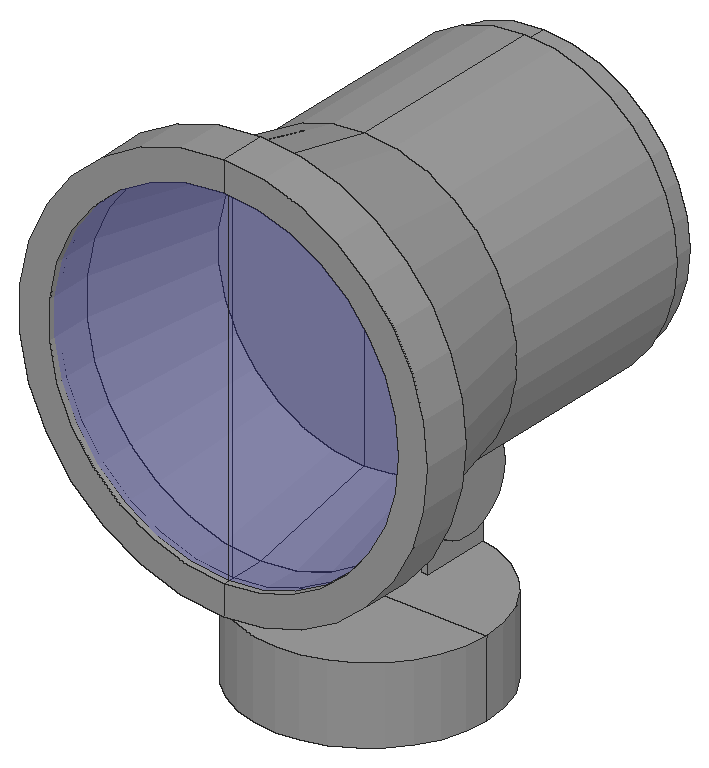
Revit family "77689_HOST_FACE", category Lighting Fixtures, host Face, Revit 2015
Parameters (values of type "Floodlights - LED")
  Wattage = 27.7295 W
  built-in parameter 1150110 = 1 (stored number, unit not read)
  URL = "www.bega-us.com"
  built-in parameter 1114217 = 1 (stored number, unit not read)
  Tilt Angle = 90.00°
  built-in parameter 1150109 = 1 (stored number, unit not read)
  built-in parameter 1150134 = 12
  Telephone = "805.684.0533"
  built-in parameter 1150113 = 1 (stored number, unit not read)
  Photometric Web File = "77689.IES"
  Model = "77 689"
  Manufacturer = "BEGA-US"
  built-in parameter 1150105 = 5774.8 (stored number, unit not read)
  Lumens = 4119 lm
  built-in parameter 1150115 = 1 (stored number, unit not read)
  built-in parameter 1150137 = (empty or 0)
  built-in parameter 1150139 = (empty or 0)
  built-in parameter 1150112 = 1 (stored number, unit not read)
  built-in parameter 1150114 = 1 (stored number, unit not read)
  Lamp = "73.5W LED"
  built-in parameter 1150132 = 2
  built-in parameter 1150102 = (empty or 0)
  built-in parameter 1150107 = 4000 (stored number, unit not read)
  built-in parameter 1150138 = (empty or 0)
  built-in parameter 1150106 = 57.748 (stored number, unit not read)
  built-in parameter 1150104 = 13.8 (stored number, unit not read)
  Dimming Lamp Color Temperature Shift = <None>
  Description = "Small scale floodlights with mounting canopy - wide beam"
  Default Elevation = 0' - 0"
  Color Filter = 16777215
  built-in parameter 1114218 = 1 (stored number, unit not read)
  built-in parameter 1150133 = 10 (stored number, unit not read)
Types (4): name | Wattage | built-in parameter 1150134 | Photometric Web File | Model | built-in parameter 1150105 | Lumens | Lamp | built-in parameter 1150107 | built-in parameter 1150106 | Description | Default Elevation
  (no name) | 27.7295 W | 12 | "77689.IES" | "77 689" | 5774.8 (stored number, unit not read) | 4119 lm | "73.5W LED" | 4000 (stored number, unit not read) | 57.748 (stored number, unit not read) | "Small scale floodlights with mounting canopy - wide beam" | 0' - 0"
  Wall Luminaires - Directed Light | 18.4392 W | (empty or 0) | "generic" | "2260LED" | 217.96 (stored number, unit not read) | 2739 lm | "44.6W LED" | 3000 (stored number, unit not read) | 2.1796 (stored number, unit not read) | "Surface wall with cutoff optics" | 6' - 0"
  Wall Luminaires - Linear | 9.92985 W | 9 | "generic" | "4425P" | 117.38 (stored number, unit not read) | 1475 lm | "(1) 39W CF twin-4-p" | 3450 (stored number, unit not read) | 1.1738 (stored number, unit not read) | "Suface wall - linear with white acrylic diffuser" | 6' - 0"
  Floodlights - LED | 27.7295 W | 12 | "77689.IES" | "77 689" | 5774.8 (stored number, unit not read) | 4119 lm | "73.5W LED" | 4000 (stored number, unit not read) | 57.748 (stored number, unit not read) | "Small scale floodlights with mounting canopy - wide beam" | 0' - 0"
Reference planes (in)
  plane 1 "Center (Front/Back)": y = 0
  plane 2: z = 0
  plane 3 "Center (Left/Right)": x = 0
Dimensions and locks (in)
  aligned and locked: plane 2 to host face
  aligned and locked: level to host face
Nested families (in)
  nested 1: "77739" at (0, 0, 0), type "77739"
Connectors (in)
  electrical at (0, 0, 0)
    settings: on host face, index 1, voltage 0 V, apparent load 0 VA, apparent load phase1 0 VA, apparent load phase2 0 VA, apparent load phase3 0 VA, power factor 1, load classification "Other", number of poles 1, system type 31, power factor state 1, is connector primary yes, connector utility no, sub classification motor no, connector description ""
Definition of nested family "77739"
  Reference planes (in)
    plane 1 "Center (Front/Back)": y = 0
    plane 2: z = 0
    plane 3 "Center (Left/Right)": x = 0
  Forms (in)
    Revolve 1, solid
      sketch origin (0, 0, 0) x (1, 0, 0) y (0, 0, 1)
        loop
          line (0, 0) -> (2.5, 0) -> (2.5, 1.625) -> (0, 1.625) -> (0, 0)
        axis (0, 1.625) -> (0, 0)
      angle from 0 to 360
    Extrusion 2, solid
      sketch origin (0, 0, 0) x (1, 0, 0) y (0, 1, 0)
        loop
          line (0.3125, 1) -> (0.4375, 1) -> (0.4375, 2.46142)
          arc (0.4375, 2.46142) -> (0.37512, 2.4717) -> (0.3125, 2.48039) r 2.5
          line (0.3125, 2.48039) -> (0.3125, 1)
        loop
          line (-0.3125, 1) -> (-0.3125, 2.48039)
          arc (-0.3125, 2.48039) -> (-0.37512, 2.4717) -> (-0.4375, 2.46142) r 2.5
          line (-0.4375, 2.46142) -> (-0.4375, 1) -> (-0.3125, 1)
      from 1.625 to 3.125
    Extrusion 3, solid
      sketch origin (0, 0, 0) x (0, 1, 0) y (0, 0, 1)
        loop
          circle (1.73071, 3.125) r 1
      from 0.6875 to -0.6875
    Revolve 4, solid
      sketch origin (0, 0, 0) x (0, 1, 0) y (0, 0, 1)
        loop
          line (-3.875, 11.5) -> (-3.875, 10.87598) -> (-2.89066, 10.87598)
          arc (-2.89066, 10.87598) -> (-1.51239, 10.63297) -> (-0.16448, 10.2564) r 14.30057
          line (-0.16448, 10.2564) -> (-0.16448, 7.15515) -> (4.75017, 7.15515)
          arc (4.75017, 7.15515) -> (4.72293, 8.70401) -> (4.625, 10.25) r 33.92266
          line (4.625, 10.25) -> (4.125, 10.25) -> (4.125, 10.375) -> (-0.125, 10.375)
          arc (-0.125, 10.375) -> (-1.48469, 10.75486) -> (-2.875, 11) r 14.42557
          line (-2.875, 11) -> (-2.875, 11.5) -> (-3.875, 11.5)
        axis (4.75017, 7.15515) -> (-3.875, 7.15515)
      angle from 0 to 360
    Revolve 5, solid
      sketch origin (0, 0, 0) x (0, 1, 0) y (0, 0, 1)
        loop
          line (-3.75, 10.87598) -> (-3.75, 7.15515) -> (-3.625, 7.15515) -> (-3.625, 10.87598) -> (-3.75, 10.87598)
        axis (-3.625, 7.15515) -> (-3.75, 7.15515)
      angle from 0 to 360
  Dimensions and locks (in)
    aligned and locked: plane 2 to level
